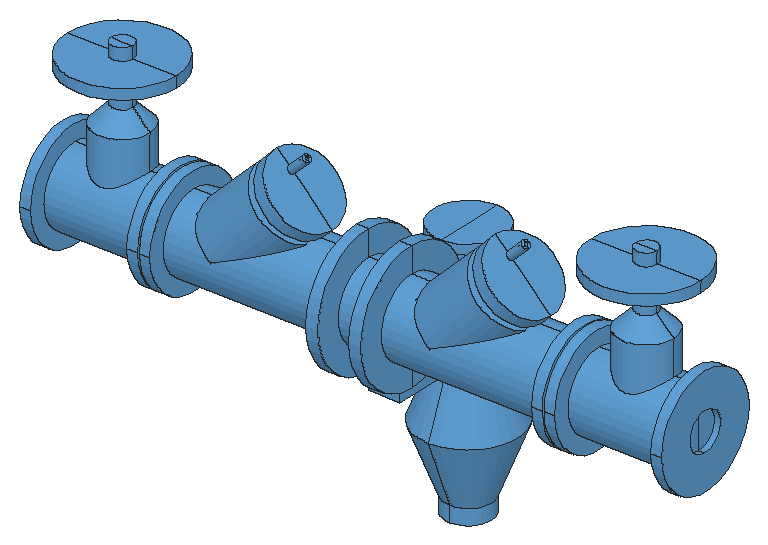
Revit family "Double_Check_Valve_Assembly-Backflow_Preventor-WATTS-LF909-909-AGK-NRS_Series.rfaxxx", category Pipe Accessories, Revit 2019
Family settings
  Round Connector Dimension = Use Diameter
  Part Type = Valve - Breaks Into
  OmniClass Number = 23.65.55.14.21
  OmniClass Title = Non-Return Valves for Liquid Services
  Work Plane-Based = No
  Always vertical = Yes
  Cut with Voids When Loaded = No
  Shared = No
Parameters (values of type "2 1/2" LF909-909-AGK-NRS")
  S-FDA - FDA Epoxy Coated Strainer = no
  NRS Weight = "195 lbs (88.4 kg)"
  URL = "https://www.watts.com/"
  U Dimension = 11"
  Temperature Range = "33°F-110°F (0.5°C-43°C) Continuous, 140°F (60°C) intermittent"  # constant formula
  T Dimension = 9 1/16"
  QT-FDA- FDA Epoxy Coated Quarter-Turn Ball Valves = no
  Region = "North America"  # constant formula
  R Dimension = 4"
  Product Page URL = "https://www.watts.com/products/plumbing-flow-control-solutions/backflow-preventers/reduced-pressure-zone-assemblies/909-large"
  Product Documentation Link = "https://www.watts.com/dfsmedia/0533dbba17714b1ab581ab07a4cbb521/20403-source/es-lf909l-pdf/es-lf909l-pdf"
  Outlet Description = "2 1/2\" OD Outlet Connection"
  OSY- UL/FM Outside Stem & Yoke Resilient Seated Gate = no
  NRS- Non-Rising Stem Resilient Seated Gate Valves = yes
  Model = "2 1/2\" LF909-909-AGK-NRS"
  Max. Working Pressure = "175psi (12.06 bar)"  # constant formula
  Max. Flow Rate = "Typical Maximum Flow Rate (7.5 feet/sec.)"  # constant formula
  Material = "Cast Iron-Watts-Epoxy Coated"  # constant formula
  Manufacturer Product Line = "Reduced Pressure Zone Assemblies"  # constant formula
  LF- Without Shutoff Valves = no
  Inlet Description = "2 1/2\" OD Inlet Connection"
  IAPMO Compliance = "AWWA C511-92, IAPMO PS 31, SBCCI (Standard Plumbing Code), USC manual for Cross-Connection Control, 8th Edition"  # constant formula
  Height 3 = Height 1 / 5  # 1.4"
  Height 2 = Inlet & Outlet Connection / 3  # 0.83333"
  Height 1 = 7"
  Gap = 2"
  Manufacturer = "WATTS"  # constant formula
  L_Radius = (L Dimension / 2)  # 13 5/32"
  L Dimension = 26 5/16"
  Installation Instruction Link = "https://www.watts.com/dfsmedia/0533dbba17714b1ab581ab07a4cbb521/4487-source/1915172-pdf/1915172-pdf"
  Inlet & Outlet Connection = 2 1/2"
  Inlet & Oulet Radius = (Inlet & Outlet Connection / 2)  # 1 1/4"
  Flange Thickness = 11/16"
  Finish- Trim = Metal-Watts-Stainless Steel
  Finish- Seat = Metal-Watts-Stainless Steel
  Distance 2 = Distance 1 * 1.5  # 0.9"
  Distance 1 = Diameter 1 / 5  # 0.6"
  Diameter 3 = Inlet & Oulet Radius + 1 1/4"  # 2 1/2"
  Diameter 2 = Inlet & Outlet Connection / 9.8  # 0.2551"
  Diameter 1 = 3"
  Finish- Check Valve Bodies Material = Cast Iron-Watts-Epoxy Coated
  Creation Date = "10/13/2021"  # constant formula
  Country = "United States of America"  # constant formula
  CW Connection = yes
  C.2 = [909AG-K Dimension C] / 2  # 1 1/2"
  ASSE 1013 Certified = yes
  ALERT- With SentryPlusTM Alert Flood Detection System = no
  AG-K 2"-3" = yes
  AG-K 2 Visibility 4"-10" = if([AG-K 2"-3"], 1 = 0, 1 = 1)  # no
  A.2 = [909AG-K Dimension A] / 2  # 3 3/16"
  909AG-K Dimension C = 3"  # constant formula
  909AG-K Dimension B = 9 5/8"  # constant formula
  909AG-K Dimension A = 6 3/8"  # constant formula
  909-AGK Air Gap = yes
  909-AGF Air Gap = no
  -NRS H1 Radius = 3 1/2"
  -NRS H1 Dimension = [-NRS H1 Radius] * 2  # 7"
  Description = "LEAD FREE Series LF909-909-AGK-NRS Reduced Pressure Zone Backflow Assemblies Sizes: 2 1/2in to 10in"  # constant formula
  D Dimension = 5 1/4"
  Assembly Code = "F1050"
  A1 Dimension = 20 3/4"
  -NRS W Radius = 3 17/32"
  -NRS W Dimension = 7 1/16"
  (C) NRS = 9 3/8"
Types (7): name | NRS Weight | U Dimension | T Dimension | R Dimension | Outlet Description | Model | Inlet Description | Height 3 | Height 2 | Height 1 | Gap | L_Radius | L Dimension | Inlet & Outlet Connection | Inlet & Oulet Radius | Flange Thickness | Distance 2 | Distance 1 | Diameter 3 | Diameter 2 | Diameter 1 | AG-K 2"-3" | AG-K 2 Visibility 4"-10" | -NRS H1 Radius | -NRS H1 Dimension | D Dimension | A1 Dimension | -NRS W Radius | -NRS W Dimension | (C) NRS
  (no name) | "195 lbs (88.4 kg)" | 11" | 9 1/16" | 4" | "2 1/2\" OD Outlet Connection" | "2 1/2\" LF909-909-AGK-NRS" | "2 1/2\" OD Inlet Connection" | 1.4" | 0.83333" | 7" | 2" | 13 5/32" | 26 5/16" | 2 1/2" | 1 1/4" | 11/16" | 0.9" | 0.6" | 2 1/2" | 0.2551" | 3" | yes | no | 3 1/2" | 7" | 5 1/4" | 20 3/4" | 3 17/32" | 7 1/16" | 9 3/8"
  2 1/2" LF909-909-AGK-NRS | "195 lbs (88.4 kg)" | 11" | 9 1/16" | 4" | "2 1/2\" OD Outlet Connection" | "2 1/2\" LF909-909-AGK-NRS" | "2 1/2\" OD Inlet Connection" | 1.4" | 0.83333" | 7" | 2" | 13 5/32" | 26 5/16" | 2 1/2" | 1 1/4" | 11/16" | 0.9" | 0.6" | 2 1/2" | 0.2551" | 3" | yes | no | 3 1/2" | 7" | 5 1/4" | 20 3/4" | 3 17/32" | 7 1/16" | 9 3/8"
  10" LF909-909-AGK-NRS | "2160 lbs (980 kg)" | 21" | 21" | 12 1/2" | "10\" OD Outlet Connection" | "10\" LF909-909-AGK-NRS" | "10\" OD Inlet Connection" | 4" | 3.33333" | 20" | 2.04" | 33 21/32" | 67 5/16" | 10" | 5" | 1 3/16" | 2.4" | 1.6" | 6 1/4" | 1.02041" | 8" | no | yes | 8" | 16" | 9 3/4" | 46 3/4" | 6 35/64" | 12 7/16" | 23 13/16"
  3" LF909-909-AGK-NRS | "225 lbs (102 kg)" | 11" | 9 1/16" | 5" | "3\" OD Outlet Connection" | "3\" LF909-909-AGK-NRS" | "3\" OD Inlet Connection" | 1.6" | 1" | 8" | 2" | 13 5/32" | 26 5/16" | 3" | 1 1/2" | 3/4" | 0.975" | 0.65" | 2 3/4" | 0.30612" | 3 1/4" | yes | no | 3 3/4" | 7 1/2" | 5 1/4" | 21 1/4" | 3 15/16" | 7 7/8" | 10 1/4"
  4" LF909-909-AGK-NRS | "455 lbs (206 kg)" | 14" | 14 3/8" | 6" | "4\" OD Outlet Connection" | "4\" LF909-909-AGK-NRS" | "4\" OD Inlet Connection" | 2" | 1.33333" | 10" | 3 1/4" | 18 19/32" | 37 3/16" | 4" | 2" | 15/16" | 1.275" | 0.85" | 3 1/4" | 0.40816" | 4 1/4" | no | yes | 4 1/2" | 9" | 6" | 27 171/256" | 4 69/128" | 10" | 12 3/16"
  6" LF909-909-AGK-NRS | "718 lbs (326 kg)" | 16" | 14 3/8" | 11" | "6\" OD Outlet Connection" | "6\" LF909-909-AGK-NRS" | "6\" OD Inlet Connection" | 2.6" | 2" | 13" | 2.04" | 22 11/32" | 44 11/16" | 6" | 3" | 1" | 1.65" | 1.1" | 4 1/4" | 0.61224" | 5 1/2" | no | yes | 5 1/2" | 11" | 6" | 33" | 5 21/64" | 11" | 16"
  8" LF909-909-AGK-NRS | "1350 lbs (612 kg)" | 21" | 19 1/4" | 11 1/4" | "8\" OD Outlet Connection" | "8\" LF909-909-AGK-NRS" | "8\" OD Inlet Connection" | 3" | 2.66667" | 15" | 2.04" | 27 21/32" | 55 5/16" | 8" | 4" | 1 1/8" | 2.1" | 1.4" | 5 1/4" | 0.81633" | 7" | no | yes | 6 3/4" | 13 1/2" | 9 3/4" | 39 5/16" | 5 53/64" | 11" | 19 15/16"
Reference planes (in)
  plane 1 "Center (Front/Back)": y = 11.9375
  plane 2: z = 0
  plane 3: x = 19.5
  plane 4: x = 21.54
  plane 5: x = 33.67625
  plane 6 "Center (Left/Right)": x = 20.52
  plane 7: z = -5.25
  plane 8: x = 41.27
  plane 9: z = 9.375
  plane 10: x = -0.23
  plane 11: x = 7.36375
  plane 12: z = 1.5
  plane 13: x = 3.56688
  plane 14: x = 7.48875
  plane 15: x = 37.47313
  plane 16: x = 33.55125
  plane 17: z = -1.25
  plane 18: z = 4.6875
  plane 19: z = 4.6875
  plane 20: y = 7.9375
  plane 21: y = 21
  plane 22: z = 1.25
  plane 23: z = -1.25
  plane 24: x = 13.43188
  plane 25: x = 27.60813
  plane 26: x = 14.33188
  plane 27: x = 28.50813
  plane 28: z = 1.5
  plane 29: y = 16.46875
  plane 30: z = 1.25
  plane 31: y = 18.73437
  plane 32: z = -14.875
  plane 33: y = 10.9375
  plane 34: z = -13.875
  plane 35: x = 5.52
  plane 36 "model line right": x = 35.52
  plane 37: y = 13.1875
  plane 38: y = 14.4375
  plane 39: y = 10.6875
  plane 40: y = 9.4375
  plane 41: y = 17.0375
  plane 42: y = 7.8125
  plane 43: y = 16.0625
  plane 44 "model line": x = 5.52
Forms (in)
  Revolve 1, solid, material "Cast Iron-Watts-Epoxy Coated" <- "Finish- Check Valve Bodies Material"
    sketch origin (0, 11.9375, 0) x (1, 0, 0) y (0, 0, 1)
      loop
        line (18.75, -2.5) -> (18.75, -4.125) -> (19.5, -4.125) -> (19.5, -1.25) -> (0.4575, -1.25) -> (0.4575, -2.5) -> (18.75, -2.5)
      axis (0.4575, 0) -> (19.5, 0)
    angle from 0 to 360
  Revolve 2, solid, material "Cast Iron-Watts-Epoxy Coated" <- "Finish- Check Valve Bodies Material"
    sketch origin (-17.74622, 11.9375, -0.25) x (1, 0, 0) y (0, 0, 1)
      loop
        line (28.14403, 0.25) -> (33.09378, 5.19975) -> (31.32601, 6.96751) -> (30.73675, 6.37826) -> (31.09031, 6.02471) -> (30.74029, 5.67469) -> (30.38673, 6.02824) -> (26.96552, 2.60702) -> (27.31907, 2.25347) -> (26.72981, 1.66421) -> (28.14403, 0.25)
      axis (33.09378, 5.19975) -> (28.14403, 0.25)
    angle from 0 to 360
  Revolve 3, solid, material "Cast Iron-Watts-Epoxy Coated" <- "Finish- Check Valve Bodies Material"
    sketch origin (0, 11.9375, 0) x (1, 0, 0) y (0, 0, 1)
      loop
        line (19.5, 0) -> (21.54, 0) -> (21.54, 2.5) -> (19.5, 2.5) -> (19.5, 0)
      axis (19.5, 0) -> (21.54, 0)
    angle from 0 to 360
  Revolve 4, void
    sketch origin (0, 11.9375, 0) x (1, 0, 0) y (0, 0, 1)
      loop
        line (40.8325, 1.25) -> (40.8325, 0) -> (41.27, 0) -> (41.27, 1.25) -> (40.8325, 1.25)
      axis (40.8325, 0) -> (41.27, 0)
    angle from 0 to 360
  Extrusion 5, solid, material "Cast Iron-Watts-Epoxy Coated" <- "Finish- Check Valve Bodies Material"
    sketch origin (0, 0, 0) x (0, 1, 0) y (0, 0, 1)
      loop
        circle (11.9375, 0) r 3.5
    from -0.23 to 0.4575
  Revolve 6, solid, material "Cast Iron-Watts-Epoxy Coated" <- "Finish- Check Valve Bodies Material"
    sketch origin (40.74313, 11.9375, 0) x (-1, 0, 0) y (0, 0, 1)
      loop
        line (36.48875, 8.625) -> (33.645, 8.625) -> (33.645, 7.9375) -> (36.48875, 7.9375) -> (36.48875, 5.79688) -> (35.37938, 4.6875) -> (35.37938, 0) -> (37.17625, 0) -> (37.17625, 9.375) -> (36.48875, 9.375) -> (36.48875, 8.625)
      axis (37.17625, 0) -> (37.17625, 9.375)
    angle from 0 to 360
  Extrusion 7, solid, material "Cast Iron-Watts-Epoxy Coated" <- "Finish- Check Valve Bodies Material"
    sketch origin (6.63375, 0, 0) x (0, 1, 0) y (0, 0, -1)
      loop
        circle (11.9375, 0) r 3.5
    from -0.73 to -0.0425
  Extrusion 8, solid, material "Cast Iron-Watts-Epoxy Coated" <- "Finish- Check Valve Bodies Material"
    sketch origin (-32.28125, 0, 0) x (0, 1, 0) y (0, 0, 1)
      loop
        circle (11.9375, 0) r 3.5
    from 39.77 to 40.4575
  Revolve 9, solid, material "Cast Iron-Watts-Epoxy Coated" <- "Finish- Check Valve Bodies Material"
    sketch origin (0.29687, 11.9375, 0) x (1, 0, 0) y (0, 0, 1)
      loop
        line (36.48875, 8.625) -> (33.645, 8.625) -> (33.645, 7.9375) -> (36.48875, 7.9375) -> (36.48875, 5.79688) -> (35.37937, 4.6875) -> (35.37937, 0) -> (37.17625, 0) -> (37.17625, 9.375) -> (36.48875, 9.375) -> (36.48875, 8.625)
      axis (37.17625, 0) -> (37.17625, 9.375)
    angle from 0 to 360
  Extrusion 10, solid, material "Cast Iron-Watts-Epoxy Coated" <- "Finish- Check Valve Bodies Material"
    sketch origin (41.04, 0, 0) x (0, 1, 0) y (0, 0, -1)
      loop
        circle (11.9375, 0) r 3.5
    from -0.23 to 0.4575
  Extrusion 11, solid, material "Cast Iron-Watts-Epoxy Coated" <- "Finish- Check Valve Bodies Material"
    sketch origin (34.40625, 0, 0) x (0, 1, 0) y (0, 0, 1)
      loop
        circle (11.9375, 0) r 3.5
    from -0.73 to -0.0425
  Extrusion 12, solid, material "Cast Iron-Watts-Epoxy Coated" <- "Finish- Check Valve Bodies Material"
    sketch origin (73.32125, 0, 0) x (0, 1, 0) y (0, 0, -1)
      loop
        circle (11.9375, 0) r 3.5
    from 39.77 to 40.4575
  Revolve 13, solid, material "Cast Iron-Watts-Epoxy Coated" <- "Finish- Check Valve Bodies Material"
    sketch origin (41.04, 11.9375, 0) x (-1, 0, 0) y (0, 0, 1)
      loop
        line (18.75, -2.5) -> (18.75, -4.125) -> (19.5, -4.125) -> (19.5, -1.25) -> (0.4575, -1.25) -> (0.4575, -2.5) -> (18.75, -2.5)
      axis (0.4575, 0) -> (19.5, 0)
    angle from 0 to 360
  Revolve 14, solid, material "Cast Iron-Watts-Epoxy Coated" <- "Finish- Check Valve Bodies Material"
    sketch origin (5.61753, 11.9375, -0.25) x (1, 0, 0) y (0, 0, 1)
      loop
        line (18.95653, 0.25) -> (23.90628, 5.19975) -> (22.13851, 6.96751) -> (21.54925, 6.37826) -> (21.90281, 6.02471) -> (21.55279, 5.67469) -> (21.19923, 6.02824) -> (17.77802, 2.60702) -> (18.13157, 2.25347) -> (17.54231, 1.66421) -> (18.95653, 0.25)
      axis (18.95653, 0.25) -> (23.90628, 5.19975)
    angle from 0 to 360
  Revolve 15, solid, material "Cast Iron-Watts-Epoxy Coated" <- "Finish- Check Valve Bodies Material"
    sketch origin (33.41172, 11.9375, -6.01401) x (1, 0, 0) y (0, 0, 1)
      loop
        line (-18.26306, 12.43546) -> (-18.35506, 12.52745) -> (-18.0015, 12.88101) -> (-18.08989, 12.9694) -> (-19.07984, 11.97945) -> (-18.89946, 11.79906) -> (-18.26306, 12.43546)
      axis (-18.89946, 11.79906) -> (-17.90951, 12.78901)
    angle from 0 to 360
  Revolve 16, solid, material "Cast Iron-Watts-Epoxy Coated" <- "Finish- Check Valve Bodies Material"
    sketch origin (47.56797, 11.9375, -6.01401) x (1, 0, 0) y (0, 0, 1)
      loop
        line (-18.24306, 12.43546) -> (-18.33506, 12.52745) -> (-17.9815, 12.88101) -> (-18.06989, 12.9694) -> (-19.05984, 11.97945) -> (-18.87946, 11.79906) -> (-18.24306, 12.43546)
      axis (-17.88951, 12.78901) -> (-18.87946, 11.79906)
    angle from 0 to 360
  Revolve 17, void
    sketch origin (41.04, 11.9375, 0) x (-1, 0, 0) y (0, 0, 1)
      loop
        line (40.8325, 1.25) -> (40.8325, 0) -> (41.27, 0) -> (41.27, 1.25) -> (40.8325, 1.25)
      axis (40.8325, 0) -> (41.27, 0)
    angle from 0 to 360
  Revolve 18, solid, material "Cast Iron-Watts-Epoxy Coated" <- "Finish- Check Valve Bodies Material"
    sketch origin (20.52, 0, -10.775) x (0, 1, 0) y (0, 0, 1)
      loop
        line (18.73437, 12.625) -> (18.73437, 5.525) -> (20.23437, 5.525) -> (20.23437, 11.72816) -> (20.61719, 12.025) -> (21, 12.025) -> (21, 12.625) -> (18.73437, 12.625)
      axis (18.73437, 12.625) -> (18.73437, 5.525)
    angle from 0 to 360
  Extrusion 19, solid, material "Cast Iron-Watts-Epoxy Coated" <- "Finish- Check Valve Bodies Material"
    sketch origin (0, 0, 9.375) x (-1, 0, 0) y (0, -1, 0)
      loop
        line (-19.5, -18.73437) -> (-19.5, -11.9375) -> (-21.54, -11.9375) -> (-21.54, -18.73437) -> (-19.5, -18.73437)
    from -14.625 to -9.375
  Revolve 20, solid, material "Cast Iron-Watts-Epoxy Coated" <- "Finish- Check Valve Bodies Material"
    sketch origin (20.52, 0, 0) x (0, 1, 0) y (0, 0, 1)
      loop
        line (20.23437, -5.25) -> (18.73437, -5.25) -> (18.73437, -14.875) -> (20.23437, -14.875) -> (20.23437, -13.875) -> (21.92187, -9.5625) -> (20.23437, -5.25)
      axis (18.73437, -5.25) -> (18.73437, -14.875)
    angle from 0 to 360
Cuts and joins
  Revolve 4, Revolve 17 cuts Extrusion 10
  Revolve 17 cuts Extrusion 5
Lines and regions (in)
  Masking region 1, visible <- "AG-K 2 Visibility 4"-10"", detail levels fine
    outline origin (0, 0, 9.375) x (-1, 0, 0) y (0, -1, 0)
      loop
        arc (-21.54, -16.71134) -> (-20.52, -21) -> (-19.5, -16.71134) r 2.26563
        line (-19.5, -16.71134) -> (-19.5, -14.4375) -> (-21.54, -14.4375) -> (-21.54, -16.71134)
  Masking region 2, detail levels fine
    outline origin (0, 0, 23.8125) x (-1, 0, 0) y (0, -1, 0)
      loop
        line (0.23, -15.4375) -> (0.23, -8.4375) -> (-0.4575, -8.4375) -> (-0.4575, -9.4375) -> (-1.07294, -9.4375)
        arc (-1.07294, -9.4375) -> (-3.56688, -8.40625) -> (-6.06081, -9.4375) r 3.53125
        line (-6.06081, -9.4375) -> (-6.67625, -9.4375) -> (-6.67625, -8.4375) -> (-7.36375, -8.4375) -> (-7.36375, -9.4375) -> (-7.48875, -9.4375) -> (-7.48875, -8.4375) -> (-8.17625, -8.4375) -> (-8.17625, -9.4375) -> (-18.75, -9.4375) -> (-18.75, -7.8125) -> (-19.5, -7.8125) -> (-19.5, -9.4375) -> (-21.54, -9.4375) -> (-21.54, -7.8125) -> (-22.29, -7.8125) -> (-22.29, -9.4375) -> (-32.86375, -9.4375) -> (-32.86375, -8.4375) -> (-33.55125, -8.4375) -> (-33.55125, -9.4375) -> (-33.67625, -9.4375) -> (-33.67625, -8.4375) -> (-34.36375, -8.4375) -> (-34.36375, -9.4375) -> (-34.97919, -9.4375)
        arc (-34.97919, -9.4375) -> (-37.47313, -8.40625) -> (-39.96706, -9.4375) r 3.53125
        line (-39.96706, -9.4375) -> (-40.5825, -9.4375) -> (-40.5825, -8.4375) -> (-41.27, -8.4375) -> (-41.27, -15.4375) -> (-40.5825, -15.4375) -> (-40.5825, -14.4375) -> (-39.96706, -14.4375)
        arc (-39.96706, -14.4375) -> (-37.47313, -15.46875) -> (-34.97919, -14.4375) r 3.53125
        line (-34.97919, -14.4375) -> (-34.36375, -14.4375) -> (-34.36375, -15.4375) -> (-33.67625, -15.4375) -> (-33.67625, -14.4375) -> (-33.55125, -14.4375) -> (-33.55125, -15.4375) -> (-32.86375, -15.4375) -> (-32.86375, -14.4375) -> (-22.29, -14.4375) -> (-22.29, -16.0625) -> (-21.54, -16.0625) -> (-21.54, -14.4375) -> (-19.5, -14.4375) -> (-19.5, -16.0625) -> (-18.75, -16.0625) -> (-18.75, -14.4375) -> (-8.17625, -14.4375) -> (-8.17625, -15.4375) -> (-7.48875, -15.4375) -> (-7.48875, -14.4375) -> (-7.36375, -14.4375) -> (-7.36375, -15.4375) -> (-6.67625, -15.4375) -> (-6.67625, -14.4375) -> (-6.06081, -14.4375)
        arc (-6.06081, -14.4375) -> (-3.56688, -15.46875) -> (-1.07294, -14.4375) r 3.53125
        line (-1.07294, -14.4375) -> (-0.4575, -14.4375) -> (-0.4575, -15.4375) -> (0.23, -15.4375)
  Masking region 3, visible <- "AG-K 2"-3"", detail levels fine
    outline origin (0, 0, 9.375) x (-1, 0, 0) y (0, -1, 0)
      loop
        line (-18.75, -15.83348) -> (-18.75, -16.0625) -> (-19.5, -16.0625) -> (-19.5, -14.4375) -> (-21.54, -14.4375) -> (-21.54, -16.0625) -> (-22.29, -16.0625) -> (-22.29, -15.83348)
        arc (-22.29, -15.83348) -> (-20.52, -22.13263) -> (-18.75, -15.83348) r 3.39825
  reference lines
    curve 1: line (37.42625, 12.3775, 0) -> (37.42625, 11.4975, 0)
  symbolic lines, detail levels fine
    curve 2: circle (3.56688, 11.9375, 9.375) r 0.6875 normal (0, 0, 1)
    curve 3: circle (37.47313, 11.9375, 9.375) r 0.6875 normal (0, 0, -1)
    curve 4: line (8.17625, 8.4375, 9.375) -> (8.17625, 15.4375, 9.375)
    curve 5: line (32.86375, 15.4375, 9.375) -> (32.86375, 8.4375, 9.375)
    curve 6: circle (3.56688, 11.9375, 9.375) r 3.53125 normal (0, 0, 1)
    curve 7: circle (37.47313, 11.9375, 9.375) r 3.53125 normal (0, 0, -1)
    curve 8: line (18.75, 7.8125, 9.375) -> (18.75, 16.0625, 9.375)
    curve 9: line (19.5, 7.8125, 9.375) -> (19.5, 16.0625, 9.375)
    curve 10: line (21.54, 7.8125, 9.375) -> (21.54, 16.0625, 9.375)
    curve 11: line (22.29, 7.8125, 9.375) -> (22.29, 16.0625, 9.375)
    curve 12: line (7.48875, 15.4375, 9.375) -> (7.48875, 8.4375, 9.375)
    curve 13: line (33.55125, 8.4375, 9.375) -> (33.55125, 15.4375, 9.375)
  model lines, detail levels coarse+medium
    curve 14: line (-0.23, 11.9375, 0) -> (5.52, 11.9375, 0)
    curve 15: line (41.27, 11.9375, 0) -> (35.52, 11.9375, 0)
Dimensions and locks (in)
  locked: Revolve 1 sketch curve to Revolve 1 sketch curve at 0.75
  "(C) NRS": plane 9 to plane 2
  "A1 Dimension": plane 6 "Center (Left/Right)" to plane 10
  "L_Radius": plane 6 "Center (Left/Right)" to plane 11
  "Flange Thickness": Extrusion 5 to Extrusion 5
  "A1 Dimension": plane 8 to plane 6 "Center (Left/Right)"
  "Inlet & Oulet Radius": Revolve 4 sketch curve to Revolve 4 sketch curve
  "L_Radius": plane 5 to plane 6 "Center (Left/Right)"
  plane 5 to plane 11 = 26 5/16"
  "D Dimension": plane 2 to plane 7
  "Flange Thickness": Revolve 6 sketch curve to Revolve 6 sketch curve  (x2)
  equal spacing: plane 11, plane 13, plane 10
  "Flange Thickness": Extrusion 7 to Extrusion 7
  locked: Revolve 6 sketch curve to plane 11 at 2
  locked: Revolve 6 sketch curve to Revolve 6 sketch curve at 0.75
  locked: plane 14 to plane 11 at 0.125
  "Flange Thickness": Extrusion 8 to Extrusion 8
  "-NRS W Radius": Revolve 6 sketch curve to Revolve 6 sketch curve
  "Flange Thickness": Revolve 9 sketch curve to Revolve 9 sketch curve  (x2)
  equal spacing: plane 5, plane 15, plane 8
  locked: Revolve 9 sketch curve to Revolve 9 sketch curve at 0.75
  "-NRS W Radius": Revolve 9 sketch curve to Revolve 9 sketch curve
  Revolve 9 sketch curve to plane 5 = 2"
  "Flange Thickness": Extrusion 10 to Extrusion 10
  "Flange Thickness": Extrusion 11 to Extrusion 11
  "Flange Thickness": Extrusion 12 to Extrusion 12
  locked: plane 16 to plane 5 at 0.125
  "Inlet & Oulet Radius": plane 2 to plane 17
  equal spacing: plane 4, plane 6 "Center (Left/Right)", plane 3
  plane 4 to plane 3 = 2.04"
  equal spacing: plane 9, plane 18, plane 2
  equal spacing: plane 9, plane 19, plane 2
  "R Dimension": plane 20 to plane 1 "Center (Front/Back)"
  "T Dimension": plane 1 "Center (Front/Back)" to plane 21
  locked: Revolve 1 sketch curve to Revolve 1 sketch curve at 1.25
  "Inlet & Oulet Radius": plane 22 to level
  locked: Revolve 3 sketch curve to plane 22 at 1.25
  locked: Revolve 13 sketch curve to Revolve 13 sketch curve at 0.75
  locked: Revolve 13 sketch curve to Revolve 13 sketch curve at 1.25
  "Inlet & Oulet Radius": plane 2 to plane 23
  "Height 1": Revolve 2 sketch curve to Revolve 2 sketch curve
  "Height 2": Revolve 2 sketch curve to Revolve 2 sketch curve  (x2)
  locked: Revolve 2 sketch curve to Revolve 2 sketch curve at 0.5
  locked: Revolve 2 sketch curve to Revolve 2 sketch curve at 0.495
  equal spacing: plane 3, plane 24, plane 11
  equal spacing: plane 24, Revolve 2 sketch curve, plane 11
  "Diameter 3": Revolve 2 sketch curve to Revolve 2 sketch curve
  "Height 1": Revolve 14 sketch curve to Revolve 14 sketch curve
  "Height 2": Revolve 14 sketch curve to Revolve 14 sketch curve  (x2)
  locked: Revolve 14 sketch curve to Revolve 14 sketch curve at 0.5
  locked: Revolve 14 sketch curve to Revolve 14 sketch curve at 0.495
  "Diameter 3": Revolve 14 sketch curve to Revolve 14 sketch curve
  equal spacing: plane 5, plane 25, plane 4
  equal spacing: plane 25, Revolve 14 sketch curve, plane 4
  "Diameter 2": Revolve 15 sketch curve to Revolve 15 sketch curve
  Revolve 15 sketch curve to Revolve 15 sketch curve = 1/8"
  "Height 3": Revolve 15 sketch curve to Revolve 15 sketch curve
  locked: Revolve 15 sketch curve to Revolve 15 sketch curve at 0.5
  "Distance 2": plane 26 to plane 24
  "Diameter 2": Revolve 16 sketch curve to Revolve 16 sketch curve
  Revolve 16 sketch curve to Revolve 16 sketch curve = 1/8"
  "Height 3": Revolve 16 sketch curve to Revolve 16 sketch curve
  locked: Revolve 16 sketch curve to Revolve 16 sketch curve at 0.5
  "Distance 2": plane 27 to plane 25
  locked: cut or joined group of Revolve 4, Extrusion 10, Revolve 17 to cut or joined group of Revolve 4, Extrusion 10, Revolve 17 at 0.25
  "Inlet & Oulet Radius": Revolve 17 sketch curve to Revolve 17 sketch curve
  locked: Revolve 17 sketch curve to Extrusion 5 at 0.25
  equal spacing: plane 1 "Center (Front/Back)", plane 29, plane 21
  equal spacing: plane 29, Revolve 18 sketch curve, plane 21
  "Distance 1": Revolve 18 sketch curve to Revolve 18 sketch curve
  "Inlet & Oulet Radius": plane 30 to plane 2
  locked: Revolve 18 sketch curve to Revolve 18 sketch curve at 1.5
  equal spacing: Revolve 18 sketch curve, Revolve 18 sketch curve, Revolve 18 sketch curve
  equal spacing: plane 21, Extrusion 19 sketch curve, plane 29
  equal spacing: plane 29, plane 31, plane 21
  "909AG-K Dimension B": plane 32 to plane 7
  locked: plane 32 to plane 34 at 1
  equal spacing: plane 34, Revolve 20 sketch curve, Revolve 20 sketch curve
  "A.2": plane 31 to Revolve 20 sketch curve
  "C.2": Revolve 20 sketch curve to Revolve 20 sketch curve
  "Inlet & Oulet Radius": plane 37 to plane 1 "Center (Front/Back)"
  locked: plane 37 to plane 38 at 1.25
  "Inlet & Oulet Radius": plane 39 to plane 1 "Center (Front/Back)"
  locked: plane 40 to plane 39 at 1.25
  locked: Revolve 1 sketch curve to Revolve 1 sketch curve at 1.625
  locked: Revolve 13 sketch curve to Revolve 13 sketch curve at 1.625
  locked: plane 40 to plane 42 at 1.625
  locked: plane 43 to plane 38 at 1.625
  "-NRS H1 Dimension": diameter of Extrusion 5 sketch curve
  "-NRS H1 Dimension": diameter of Extrusion 7 sketch curve
  "-NRS H1 Dimension": diameter of Extrusion 8 sketch curve
  "-NRS H1 Dimension": diameter of Extrusion 10 sketch curve
  "-NRS H1 Dimension": diameter of Extrusion 11 sketch curve
  "-NRS H1 Dimension": diameter of Extrusion 12 sketch curve
  locked: Revolve 6 sketch curve to Revolve 6 sketch curve (angle 135.00°)
  locked: Revolve 9 sketch curve to Revolve 9 sketch curve (angle 135.00°)
  locked: plane 2 to Revolve 2 sketch curve (angle 45.00°)
  locked: plane 2 to Revolve 14 sketch curve (angle 45.00°)
  locked: Revolve 2 to Revolve 15 sketch curve (angle 90.00°)
  locked: Revolve 14 to Revolve 16 sketch curve (angle 90.00°)
  locked: Revolve 18 sketch curve to Revolve 18 sketch curve (angle 127.791°)
  aligned and locked: plane 2 to Extrusion 5 sketch curve
  aligned and locked: plane 1 "Center (Front/Back)" to Extrusion 5 sketch curve
  aligned and locked: Extrusion 5 to plane 10
  aligned and locked: plane 2 to Revolve 4 sketch curve
  aligned and locked: Revolve 4 sketch curve to Revolve 4 sketch curve
  aligned and locked: plane 11 to Extrusion 7
  aligned and locked: Revolve 6 sketch curve to plane 13  (x2)
  aligned and locked: plane 2 to Revolve 6 sketch curve
  aligned and locked: Revolve 6 sketch curve to Revolve 6 sketch curve
  aligned and locked: Revolve 6 sketch curve to plane 9
  aligned and locked: Extrusion 8 to plane 14
  aligned and locked: Revolve 9 sketch curve to plane 15  (x2)
  aligned and locked: Revolve 9 sketch curve to Revolve 9 sketch curve
  aligned and locked: plane 9 to Revolve 9 sketch curve
  aligned and locked: plane 8 to Extrusion 10
  aligned and locked: plane 16 to Extrusion 12
  aligned and locked: Extrusion 11 to plane 5
  aligned and locked: Extrusion 12 to plane 16
  aligned and locked: plane 18 to Revolve 6 sketch curve
  aligned and locked: plane 19 to Revolve 9 sketch curve
  aligned and locked: Revolve 4 to Extrusion 10
  aligned and locked: Revolve 1 sketch curve to plane 17
  aligned and locked: Extrusion 5 to Revolve 1 sketch curve
  aligned and locked: Revolve 13 sketch curve to plane 23
  aligned and locked: plane 4 to Revolve 13
  aligned and locked: Revolve 13 to cut or joined group of Revolve 4, Extrusion 10, Revolve 17
  aligned and locked: level to Revolve 2 sketch curve
  aligned and locked: Revolve 2 sketch curve to Revolve 2 sketch curve  (x3)
  aligned and locked: Revolve 14 sketch curve to Revolve 14 sketch curve  (x3)
  aligned and locked: Revolve 2 to Revolve 15
  aligned and locked: Revolve 15 sketch curve to Revolve 2
  aligned and locked: Revolve 15 sketch curve to Revolve 15 sketch curve
  aligned and locked: plane 26 to Revolve 15 sketch curve
  aligned and locked: Revolve 16 sketch curve to Revolve 16 sketch curve
  aligned and locked: plane 27 to Revolve 16 sketch curve
  aligned and locked: Revolve 16 sketch curve to Revolve 14
  aligned and locked: Revolve 4 sketch curve to plane 8
  aligned and locked: Revolve 17 sketch curve to Revolve 17 sketch curve
  aligned and locked: Revolve 17 sketch curve to plane 10
  aligned and locked: plane 21 to Revolve 18 sketch curve
  aligned and locked: Revolve 18 sketch curve to Revolve 18 sketch curve
  aligned and locked: plane 1 "Center (Front/Back)" to Extrusion 19 sketch curve
  aligned and locked: Revolve 18 to plane 30
  aligned and locked: Extrusion 19 sketch curve to plane 3
  aligned and locked: Extrusion 19 sketch curve to plane 4
  aligned and locked: plane 2 to Extrusion 19
  aligned and locked: plane 7 to Extrusion 19
  aligned and locked: plane 7 to Revolve 18 sketch curve
  aligned and locked: Revolve 20 sketch curve to Revolve 20 sketch curve
  aligned and locked: Revolve 20 sketch curve to plane 31
  aligned and locked: Revolve 20 sketch curve to Revolve 18
  aligned and locked: curve 2 to Revolve 6
  aligned and locked: curve 3 to Revolve 9
  aligned and locked: curve 4 to Extrusion 8
  aligned and locked: curve 5 to Extrusion 12
  aligned and locked: Masking region 1 sketch curve to Revolve 18
  aligned and locked: Extrusion 19 to Masking region 1 sketch curve  (x2)
  aligned and locked: cut or joined group of Extrusion 5, Revolve 17 to plane 10
  aligned and locked: Masking region 2 sketch curve to Masking region 2 sketch curve  (x9)
  aligned and locked: Masking region 2 sketch curve to plane 38  (x8)
  aligned and locked: plane 38 to Masking region 2 sketch curve
  aligned and locked: plane 40 to Masking region 2 sketch curve  (x8)
  aligned and locked: Masking region 2 sketch curve to plane 40
  aligned and locked: Masking region 2 sketch curve to plane 8
  aligned and locked: Masking region 2 sketch curve to plane 10
  aligned and locked: Masking region 2 sketch curve to plane 11  (x2)
  aligned and locked: Masking region 2 sketch curve to plane 14  (x2)
  aligned and locked: plane 4 to Masking region 2 sketch curve
  aligned and locked: plane 16 to Masking region 2 sketch curve  (x2)
  aligned and locked: Masking region 2 sketch curve to plane 5  (x2)
  aligned and locked: cut or joined group of Extrusion 5, Revolve 17 to Masking region 2 sketch curve  (x2)
  aligned and locked: Extrusion 7 to Masking region 2 sketch curve  (x2)
  aligned and locked: Extrusion 8 to Masking region 2 sketch curve  (x2)
  aligned and locked: Revolve 1 to Masking region 2 sketch curve  (x2)
  aligned and locked: Revolve 13 to Masking region 2 sketch curve
  aligned and locked: Masking region 2 sketch curve to Revolve 1  (x2)
  aligned and locked: Masking region 2 sketch curve to Revolve 13  (x2)
  aligned and locked: Masking region 2 sketch curve to Extrusion 12  (x2)
  aligned and locked: Masking region 2 sketch curve to Extrusion 11  (x4)
  aligned and locked: cut or joined group of Revolve 4, Extrusion 10, Revolve 17 to Masking region 2 sketch curve  (x2)
  aligned and locked: Masking region 2 sketch curve to cut or joined group of Revolve 4, Extrusion 10, Revolve 17  (x2)
  aligned and locked: Masking region 2 sketch curve to cut or joined group of Extrusion 5, Revolve 17  (x2)
  aligned and locked: Masking region 2 sketch curve to Revolve 6  (x2)
  aligned and locked: Masking region 2 sketch curve to Revolve 9  (x2)
  aligned and locked: plane 43 to Masking region 2
  aligned and locked: Masking region 2 to curve 4
  aligned and locked: curve 4 to Masking region 2
  aligned and locked: curve 5 to Masking region 2
  aligned and locked: plane 38 to Masking region 1
  aligned and locked: curve 6 to Revolve 6
  aligned and locked: curve 7 to Revolve 9
  aligned and locked: Masking region 2 to curve 5
  aligned and locked: curve 8 to Revolve 1
  aligned and locked: curve 9 to Revolve 1
  aligned and locked: curve 10 to Revolve 13
  aligned and locked: curve 11 to Revolve 13
  aligned and locked: curve 8 to Masking region 2
  aligned and locked: Masking region 2 to curve 11
  aligned and locked: Masking region 2 to curve 9
  aligned and locked: Masking region 2 to curve 10
  aligned and locked: curve 12 to Extrusion 8
  aligned and locked: curve 13 to Extrusion 12
  aligned and locked: curve 12 to Masking region 2
  aligned and locked: Masking region 2 to curve 12
  aligned and locked: curve 13 to Masking region 2
  aligned and locked: Masking region 2 to curve 13
  aligned and locked: Masking region 3 sketch curve to Masking region 2  (x2)
  aligned and locked: Revolve 1 to Masking region 3 sketch curve
  aligned and locked: curve 11 to Masking region 3 sketch curve
  aligned and locked: nested 1 to plane 6 "Center (Left/Right)"
  aligned and locked: Masking region 2 sketch curve to plane 42
  aligned and locked: plane 42 to Masking region 2 sketch curve
  aligned and locked: nested 1 to plane 1 "Center (Front/Back)"
  aligned and locked: plane 10 to curve 14
  aligned and locked: plane 44 "model line" to curve 14
  aligned and locked: curve 14 to level
  aligned and locked: plane 8 to curve 15
  aligned and locked: plane 36 "model line right" to curve 15
  aligned and locked: curve 15 to nested 1
  aligned and locked: curve 14 to nested 1
Automatic sketch dimensions
  plane 15 to curve 1 = 3/64"
  plane 1 "Center (Front/Back)" to curve 1 = 0.44"
  curve 1 to plane 1 "Center (Front/Back)" = 0.44"
  Extrusion 7 sketch curve to level = 0"
  Extrusion 7 sketch curve to plane 1 "Center (Front/Back)" = 0"
  Extrusion 8 sketch curve to level = 0"
  Extrusion 8 sketch curve to plane 1 "Center (Front/Back)" = 0"
  Extrusion 10 sketch curve to level = 0"
  Extrusion 10 sketch curve to plane 1 "Center (Front/Back)" = 0"
  Extrusion 11 sketch curve to level = 0"
  Extrusion 11 sketch curve to plane 1 "Center (Front/Back)" = 0"
  Extrusion 12 sketch curve to level = 0"
  Extrusion 12 sketch curve to plane 1 "Center (Front/Back)" = 0"
  curve 15 to level = 0"
  Revolve 1 sketch curve to level = 0"
  Revolve 1 sketch curve to plane 3 = 0"
  Revolve 1 sketch curve to plane 10 = 8.18868"
  Revolve 1 sketch curve to Revolve 1 sketch curve = 52"
  Revolve 3 sketch curve to level = 0"  (x2)
  Revolve 3 sketch curve to plane 3 = 0"
  Revolve 3 sketch curve to plane 4 = 0"
  Revolve 3 sketch curve to plane 10 = 60.18868"
  plane 8 to Revolve 3 sketch curve = 24.30541"
  Revolve 4 sketch curve to plane 8 = 7/16"
  plane 3 to Revolve 4 sketch curve = 0.04"
  Revolve 4 sketch curve to plane 26 = 0.51813"
  Revolve 6 sketch curve to level = 0"
  Revolve 6 sketch curve to Revolve 6 sketch curve = 1/2"
  Revolve 9 sketch curve to level = 0"  (x2)
  Revolve 9 sketch curve to Revolve 9 sketch curve = 1/2"
  Revolve 13 sketch curve to level = 0"
  Revolve 13 sketch curve to plane 4 = 0"
  plane 8 to Revolve 13 sketch curve = 11/16"
  Revolve 13 sketch curve to plane 8 = 8.18868"
  Revolve 13 sketch curve to Revolve 13 sketch curve = 52"
  Revolve 17 sketch curve to level = 0"
  plane 4 to Revolve 17 sketch curve = 0.04"
  Revolve 17 sketch curve to plane 25 = 1.11812"
  plane 30 to Revolve 18 sketch curve = 0"
  Revolve 18 sketch curve to Revolve 18 sketch curve = 1.2809"
  Revolve 18 sketch curve to Revolve 18 sketch curve = 3/4"
  curve 8 to plane 43 = 0"
  curve 10 to plane 43 = 0"
  curve 11 to plane 43 = 0"
  curve 9 to plane 43 = 0"
  plane 38 to Masking region 1 sketch curve = 0"
  Masking region 2 sketch curve to plane 43 = 0"
  Masking region 3 sketch curve to plane 4 = 0"
  Masking region 3 sketch curve to plane 6 "Center (Left/Right)" = 0"
  Masking region 3 sketch curve to plane 3 = 0"
  Masking region 3 sketch curve to plane 31 = 0"
  plane 38 to Masking region 3 sketch curve = 0"
  Masking region 3 sketch curve to Masking region 3 sketch curve = 0.22902"
  plane 14 to Revolve 2 sketch curve = 1.32244"
  Revolve 2 sketch curve to plane 35 = 0.08483"
  Revolve 14 sketch curve to level = 0"
  plane 4 to Revolve 14 sketch curve = 1.44744"
  Revolve 14 sketch curve to level = 0.88451"
  Revolve 15 sketch curve to plane 24 = 0.26834"
  Revolve 15 sketch curve to Revolve 15 sketch curve = 0.06734"
  Revolve 16 sketch curve to Revolve 16 sketch curve = 0.19151"
  Revolve 16 sketch curve to Revolve 16 sketch curve = 0.21861"
  Revolve 20 sketch curve to plane 31 = 0"
  Revolve 20 sketch curve to plane 32 = 0"
  plane 34 to Revolve 20 sketch curve = 0"
  Revolve 20 sketch curve to Revolve 20 sketch curve = 4 3/4"
  Revolve 20 sketch curve to Revolve 20 sketch curve = 1"
Nested families (in)
  nested 1: "Backflow Symbology" at (20.52, 11.9375, 0) x (-1, 0, 0) z (0, 0, 1), type "Backflow Symbology", detail levels coarse+medium
Connectors (in)
  piping at (41.27, 11.9375, 0), diameter 2.5, driven by "Inlet & Outlet Connection", driven by "Outlet Description"
    settings: on cut or joined group of Revolve 4, Extrusion 10, Revolve 17, index 1, connector inside diameter 24", connector length 0", flow factor 0, pipe flow 0 GPM, pressure drop 0.00 psi, fitting loss kfactor 0, connector angle 0.00°, fixture units 0, engagement length 0", angle of deflection 0.00°, flow configuration 0, flow direction 2, fitting loss method 0, system type 29, joint type 0, gender type 0, connector reference index -1, connector utility 0, adjustable connector no, is connector primary yes, connector description "2 1/2\" OD Outlet Connection"
  piping at (-0.23, 11.9375, 0), diameter 2.5, driven by "Inlet & Outlet Connection", driven by "Inlet Description"
    settings: on cut or joined group of Extrusion 5, Revolve 17, index 2, connector inside diameter 24", connector length 0", flow factor 0, pipe flow 0 GPM, pressure drop 0.00 psi, fitting loss kfactor 0, connector angle 0.00°, fixture units 0, engagement length 0", angle of deflection 0.00°, flow configuration 0, flow direction 1, fitting loss method 0, system type 29, joint type 0, gender type 0, connector reference index -1, connector utility 0, adjustable connector no, is connector primary no, connector description "2 1/2\" OD Inlet Connection"
Definition of nested family "Backflow Symbology"
  Parameters (values of type "Backflow Symbology")
    Width = 0"
    Waste Connection Radius = 0"
    Waste Connection Height = 0"
    Waste Connection Diameter = 0"
    Waste Connection = no
    Warranty Information = ""
    Vent Connection = no
    Shipping Weight = 0.00 kip
    Revised Date = ""
    Product Page URL = ""
    Product Documentation Link = ""
    Price = "Prices may vary. Please consult Manufacturer Representative for most up-to-date price list."  # constant formula
    Material = ""
    Length = 0"
    Installation Type = ""
    IAPMO Compliance = ""
    Hot Water Connection Width = 0"
    Hot Water Connection Radius = 0"
    Hot Water Connection Height = 0"
    Hot Water Connection Diameter = 0"
    Height = 0"
    HW Connection = no
    Flush Rate = ""
    Flow Rate = ""
    Default Elevation = 0"
    Creation Date = ""
    Cold Water Connection Width = 0"
    Cold Water Connection Radius = 0"
    Cold Water Connection Height = 0"
    Cold Water Connection Diameter = Cold Water Connection Radius * 2  # 0"
    CW Connection = no
    Bowl Shape = ""
    Basin Shape = ""
    ADA Compliant = yes
  Reference planes (in)
    plane 1 "Center (Front/Back)": y = 0
    plane 2: z = 0
    plane 3 "Center (Left/Right)": x = 0
  Lines and regions (in)
    model lines
      curve 1: line (-15, 1.37581, 0) -> (-15, -1.37581, 0)
      curve 2: line (-7.5, 1.37581, 0) -> (-7.5, -1.37581, 0)
      curve 3: line (-7.5, 1.37581, 0) -> (0, -1.37581, 0)
      curve 4: line (0, -1.37581, 0) -> (0, 1.37581, 0)
      curve 5: line (-7.5, 1.37581, 0) -> (-15, -1.37581, 0)
      curve 6: line (-15, 1.37581, 0) -> (-7.5, -1.37581, 0)
      curve 7: line (-11.25, 0, 0) -> (-11.25, 1.37581, 0)
      curve 8: line (-11.25, 1.37581, 0) -> (-10.27439, 1.37581, 0)
      curve 9: line (7.5, 1.37581, 0) -> (7.5, -1.37581, 0)
      curve 10: line (15, 1.37581, 0) -> (15, -1.37581, 0)
      curve 11: line (15, 1.37581, 0) -> (7.5, -1.37581, 0)
      curve 12: line (7.5, 1.37581, 0) -> (15, -1.37581, 0)
      curve 13: line (11.25, 0, 0) -> (11.25, 1.37581, 0)
      curve 14: line (10.78174, 1.37581, 0) -> (11.25, 1.37581, 0)
      curve 15: line (0, 1.37581, 0) -> (7.5, -1.37581, 0)
